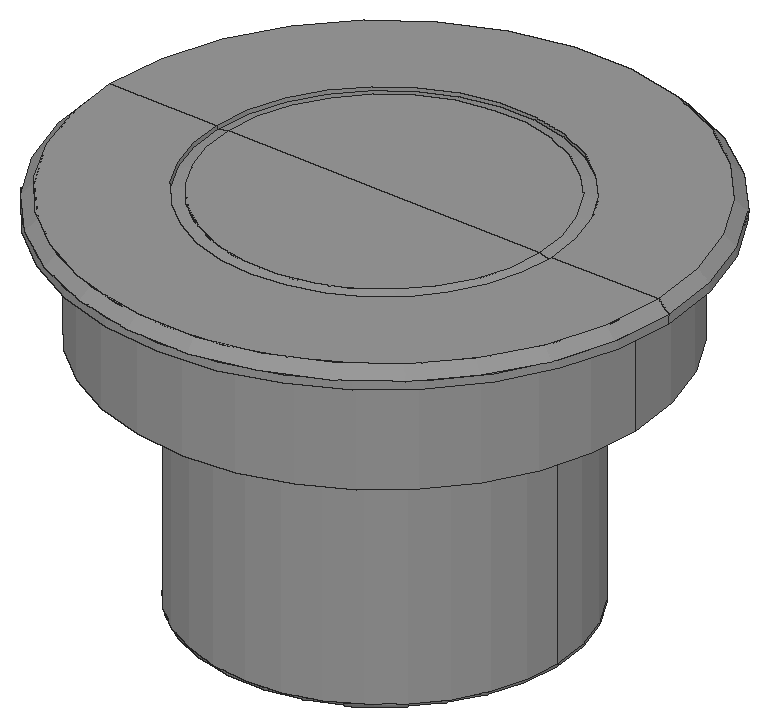
Revit family "4068877 Sylvania Lighting Fixture PATHE CEILING ROUND2 77LM LED 4K", category Lighting Fixtures, host Face, Revit 2016
Family settings
  Host = Face
  Part Type = Normal
  Round Connector Dimension = Use Diameter
  OmniClass Number = 23.80.70.00
  OmniClass Title = Lighting
  Cut with Voids When Loaded = No
  Light Source = Yes
  Shared = No
  Room Calculation Point = No
Parameters (values of type "4068877 PATHE/C/R2 77LM LED 4K")
  Weight = "0.525 kg"
  Wattage Comments = ""
  Wattage = 1.5 W
  WarrantyStartDate [instance] = "n/a"
  WarrantyGuarantorParts = "n/a"
  WarrantyDurationUnit = "n/a"
  WarrantyDurationParts = "n/a"
  WarrantyDescription = "n/a"
  built-in parameter 1150110 = 1 (stored number, unit not read)
  Voltage = 0 V
  URL = "http://www.sylvania-lighting.com"
  TypeName = "PATHE/CEILING/ROUND2 77LM LED 4K"
  Type Image = <None>
  Type Comments = "n/a"
  built-in parameter 1114217 = 1 (stored number, unit not read)
  Tilt Angle = -90.00°
  built-in parameter 1150109 = 1 (stored number, unit not read)
  built-in parameter 1150134 = 12
  built-in parameter 1150113 = 1 (stored number, unit not read)
  SerialNumber [instance] = "n/a"
  Radius_SYL = 47.5 mm
  RadiusDiffuser_SYL = 28 mm
  Photometric Web File = "4068877.ies"
  Material_3_SYL = Steel AISI 1006 85 HR
  PowerFactor = 0
  PowerConsumption = "1.5 W"
  NominalLength = 95 mm
  NominalHeight = 75 mm
  NominalDepth = 0 mm
  Name = "PATHE/CEILING/ROUND2 77LM LED 4K"
  ModelReference = Name  # "PATHE/CEILING/ROUND2 77LM LED 4K"
  ModelNumber = "4068877"
  Model = Name  # "PATHE/CEILING/ROUND2 77LM LED 4K"
  Material = "corrosion resistant anodized aluminium housing, tempered safety glass diffuser"
  ManufacturerName = "Feilo Sylvania"
  Manufacturer = "Feilo Sylvania"
  LuminousEfficacy = "51.33 lm/W"
  built-in parameter 1150105 = 6.1275 (stored number, unit not read)
  Lumens = 77 lm
  LuminaireType = ""
  built-in parameter 1150115 = 1 (stored number, unit not read)
  LightOutputRatio = "100"
  built-in parameter 1150137 = (empty or 0)
  built-in parameter 1150139 = (empty or 0)
  LampsType = Lamp  # "LED"
  LampNominalLuminous = "77 lm"
  LampMacAdamStep = "n/a"
  LampColourTemperature = "4000 K"
  LampColourRenderingIndex = "80"
  built-in parameter 1150112 = 1 (stored number, unit not read)
  built-in parameter 1150114 = 1 (stored number, unit not read)
  Lamp = "LED"
  Keynote = "16500"
  InstallationDate [instance] = "n/a"
  InputVoltage = "n/a"
  InputNominalFrequency = "n/a"
  built-in parameter 1150132 = (empty or 0)
  built-in parameter 1150102 = (empty or 0)
  built-in parameter 1150107 = 4000 (stored number, unit not read)
  built-in parameter 1150138 = (empty or 0)
  IngressProtection = "IP67"
  ImpactProtectionIndex = "IK10"
  built-in parameter 1150106 = 0.061275 (stored number, unit not read)
  IfcExportType = "IfcLightFixtureType"
  IfcExportAs = "IfcLightFixtureType"
  HieghtTop_SYL = 2 mm
  ExpectedLife = 50000
  Emit from Circle Diameter = RadiusDiffuser_SYL * 2  # 56 mm
  Emit Shape Visible in Rendering = no
  ElectricShockClassification = "Class I"
  built-in parameter 1150104 = 4.769 (stored number, unit not read)
  DurationUnit = "hours"
  DocumentationLiterature = "http://www.sylvania-lighting.com/product/en-int/products/4068877"
  DimmingControlOptions = "n/a"
  Material_2_SYL = PC-Sylvania-PatheCeiling-Glow
  Dimming Lamp Color Temperature Shift = <None>
  Description = "Round recessed ceiling mounted luminaireCorrosion resistant anodized aluminium, 77lm, 1.5W, 51lm/W, 4000K, CRI80+, 50°, non dimmable, IP67, IK10, (ØxD) Ø95x75mm, 3 step MacAdam ellipse, Class I, 220-240V, A++ A+ A"
  Default Elevation = 1219.2 mm
  CreatedOn = "9/21/2018"
  CreatedBy = "@sylvania-lighting.com"
  Cost = 0
  Color Filter = 16777215
  built-in parameter 1114216 [instance] = (empty or 0)
  ClassificationValue = "EF_70_80"
  ClassificationName = "Uniclass2015"
  Material_1_SYL = Aluminum 6061 T6 80 Hot Formed
  ChamferTop_SYL = 1.7 mm
  ChamferDiffuserTop_SYL = 2 mm
  ChamferDiffuserSide_SYL = 0.5 mm
  BarCode [instance] = "n/a"
  built-in parameter 1114218 = 1 (stored number, unit not read)
  built-in parameter 1150133 = 10 (stored number, unit not read)
  AssetType = "Fixed"
  AssetIdentifier [instance] = "n/a"
  Assembly Code = "D5020200"
  Apparent Load = 1.5 VA
  Material_4_SYL = none
Reference planes
  plane 1 "Center (Front/Back)": y = 0
  plane 2: z = 0
  plane 3 "Center (Left/Right)": x = 0
  plane 4: x = -47.5
  plane 5: z = -75
  plane 6: x = -28
  plane 7: z = 2
  plane 8: x = -45.8
  plane 9: z = -36
  plane 10: z = -29.5
  plane 11: x = -26
  plane 12: z = 1.5
  plane 13: z = -6
  plane 14: z = 0.3
  plane 15: x = -42
  plane 16: z = -19
  plane 17: z = -59
  plane 18: x = -29
  plane 19: z = -1
  plane 20: x = -43.5
Forms (mm)
  Revolve 1, solid, material "PC-Sylvania-PatheCeiling-Glow" <- "Material_2_SYL"
    sketch origin (0, 0, 0) x (1, 0, 0) y (0, 0, 1)
      loop
        line (-28, 1.5) -> (-28, 0) -> (0, 0) -> (0, 2) -> (-26, 2) -> (-28, 1.5)
      axis (0, 2) -> (0, 0)
    angle from 360 to 0
  Revolve 2, solid, material "Aluminum 6061 T6 80 Hot Formed" <- "Material_1_SYL"
    sketch origin (0, 0, 0) x (1, 0, 0) y (0, 0, 1)
      loop
        line (-28, 2) -> (-45.8, 2) -> (-47.5, 0.3) -> (-47.5, -1) -> (-42, -1) -> (-42, -19) -> (-29, -19) -> (-29, -58.4)
        arc (-29, -58.4) -> (-28.824, -58.824) -> (-28.4, -59) r 0.6
        line (-28.4, -59) -> (0, -59) -> (0, -6) -> (-28, -6) -> (-28, 2)
      axis (0, 2) -> (0, -59)
    angle from 360 to 0
  Revolve 3, void
    sketch origin (0, 0, 0) x (1, 0, 0) y (0, 0, 1)
      loop
        line (-43.5, 0) -> (-43.5, -75) -> (0, -75) -> (0, 0) -> (-43.5, 0)
      axis (0, 0) -> (0, -75)
    angle from 360 to 0
Cuts and joins
  Revolve 3 cuts Revolve 1
Dimensions and locks
  locked: plane 2 to plane 5 at 75
  "Radius_SYL": plane 3 "Center (Left/Right)" to plane 4
  "RadiusDiffuser_SYL": plane 3 "Center (Left/Right)" to plane 6
  "ChamferTop_SYL": plane 8 to plane 4
  "ChamferDiffuserSide_SYL": plane 7 to plane 12
  "ChamferDiffuserTop_SYL": plane 11 to plane 6
  locked: plane 2 to plane 13 at 6
  "ChamferTop_SYL": plane 7 to plane 14
  "HieghtTop_SYL": plane 7 to plane 2
  locked: plane 3 "Center (Left/Right)" to plane 15 at 42
  locked: plane 2 to plane 16 at 19
  locked: plane 3 "Center (Left/Right)" to plane 18 at 29
  locked: plane 16 to plane 17 at 40
  locked: plane 2 to plane 19 at 1
  locked: plane 3 "Center (Left/Right)" to plane 20 at 43.5
  aligned and locked: plane 2 to host face
  aligned and locked: level to host face
  aligned and locked: plane 7 to Revolve 1 sketch curve
  aligned and locked: Revolve 1 sketch curve to plane 3 "Center (Left/Right)"  (x2)
  aligned and locked: plane 11 to Revolve 1 sketch curve
  aligned and locked: plane 6 to Revolve 1 sketch curve
  aligned and locked: plane 12 to Revolve 1 sketch curve
  aligned and locked: imposter light to plane 7
  aligned and locked: imposter light to plane 1 "Center (Front/Back)"
  aligned and locked: plane 3 "Center (Left/Right)" to imposter light
  aligned and locked: Revolve 2 sketch curve to plane 6
  aligned and locked: Revolve 2 sketch curve to plane 7
  aligned and locked: plane 14 to Revolve 2 sketch curve
  aligned and locked: Revolve 2 sketch curve to plane 4
  aligned and locked: Revolve 2 sketch curve to plane 15
  aligned and locked: plane 16 to Revolve 2 sketch curve
  aligned and locked: Revolve 2 sketch curve to plane 18
  aligned and locked: plane 17 to Revolve 2 sketch curve
  aligned and locked: plane 3 "Center (Left/Right)" to Revolve 2 sketch curve
  aligned and locked: Revolve 2 sketch curve to plane 13
  aligned and locked: Revolve 2 sketch curve to plane 3 "Center (Left/Right)"
  aligned and locked: plane 19 to Revolve 2 sketch curve
  aligned and locked: Revolve 3 sketch curve to plane 3 "Center (Left/Right)"  (x2)
  aligned and locked: Revolve 3 sketch curve to level
  aligned and locked: Revolve 3 sketch curve to plane 5
  aligned and locked: plane 15 to Revolve 2 sketch curve
  aligned and locked: Revolve 3 sketch curve to plane 20
Automatic sketch dimensions
  host sketch curve to host sketch curve = 2438.4 mm  (x2)
  plane 5 to Revolve 1 sketch curve = 534.6 mm
  Revolve 1 sketch curve to Revolve 1 sketch curve = 2607.058 mm
  Revolve 1 sketch curve to level = 0 mm
  Revolve 2 sketch curve to plane 8 = 0 mm
  Revolve 2 sketch curve to plane 6 = 0.4 mm
  plane 5 to Revolve 2 sketch curve = 534.6 mm
  Revolve 2 sketch curve to plane 7 = 2607.058 mm
  plane 5 to Revolve 3 sketch curve = 534.6 mm
  Revolve 3 sketch curve to plane 7 = 2606.058 mm
Connectors
  electrical at (0, 0, 0), driven by "Apparent Load", driven by "PowerFactor", driven by "Voltage"
    settings: index 1, voltage 0 V, apparent load 1.5 VA, apparent load phase1 0 VA, apparent load phase2 0 VA, apparent load phase3 0 VA, power factor 0, load classification "Lighting", number of poles 1, system type 30, power factor state 1, is connector primary yes, connector utility no, sub classification motor no, connector description ""
